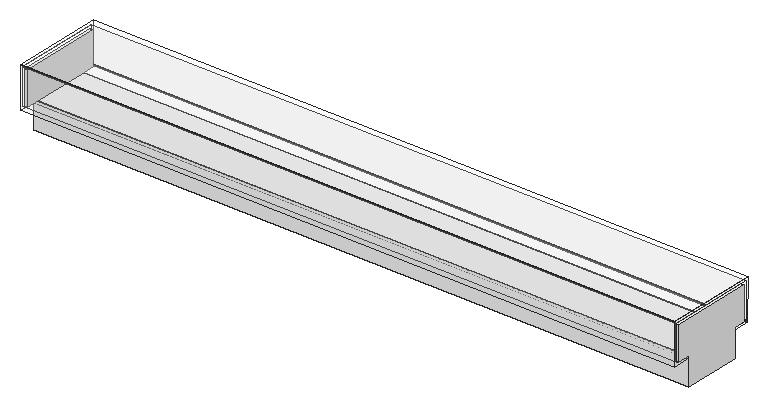
Revit family "LPT", category Lighting Fixtures, host Face, Revit 2012
Parameters (values of type "LPT4-35VL-EDU")
  Wattage = 105 W
  built-in parameter 1150110 = 1 (stored number, unit not read)
  Voltage = 120 V
  Wattage Comments = ""
  URL = "http://www.columbialighting.com/"
  built-in parameter 1114217 = 1 (stored number, unit not read)
  Tilt Angle = -90.00°
  built-in parameter 1150109 = 1 (stored number, unit not read)
  built-in parameter 1150134 = (empty or 0)
  built-in parameter 1150113 = 1 (stored number, unit not read)
  Product Page URL = "http://www.columbialighting.com/products/lpt"
  Product Documentation Link = "http://www.columbialighting.com/content/products/specs/specs_files/lpt.pdf"
  Photometric Web File = "LPT4-35VL-EDU.ies"
  Nominal Watts = 105 W
  Model = "LPT"  # constant formula
  Manufacturer Phone = "(864)-678-1000"  # constant formula
  Manufacturer Fax = "(866)-898-1065"  # constant formula
  Manufacturer = "Columbia Lighting"  # constant formula
  Row Length = 4.0 ft
  built-in parameter 1150105 = 763.96 (stored number, unit not read)
  Lumens = 9600.15 lm
  built-in parameter 1150115 = 1 (stored number, unit not read)
  Lumen Output = "Very High Lumen"
  built-in parameter 1150137 = (empty or 0)
  built-in parameter 1150139 = (empty or 0)
  built-in parameter 1150112 = 1 (stored number, unit not read)
  built-in parameter 1150114 = 1 (stored number, unit not read)
  Lamp = "LED Lamp"
  built-in parameter 1150132 = (empty or 0)
  built-in parameter 1150102 = (empty or 0)
  built-in parameter 1150107 = 3500 (stored number, unit not read)
  built-in parameter 1150138 = (empty or 0)
  built-in parameter 1150106 = 7.6396 (stored number, unit not read)
  Glass = White Glass
  Emit from Line Length = 2.0 ft
  built-in parameter 1150104 = 8.4941 (stored number, unit not read)
  Driver = "0-10V Dimming"
  Dimming Lamp Color Temperature Shift = <None>
  Description = "LPT is available in 4' or 8' lengths with lumen packages ranging from 2,700 to 19,200 nominal."  # constant formula
  Default Elevation = 4.0 ft
  Color Filter = 16777215
  built-in parameter 1114218 = 1 (stored number, unit not read)
  Backbox = White
  built-in parameter 1150133 = 10 (stored number, unit not read)
  Apparent Load = 0 VA
Types (3, lengths in ft): name | Wattage | Photometric Web File | Nominal Watts | built-in parameter 1150105 | Lumens | Lumen Output | built-in parameter 1150106 | built-in parameter 1150104
  (no name) | 105 W | "LPT4-35VL-EDU.ies" | 105 W | 763.96 (stored number, unit not read) | 9600.15 lm | "Very High Lumen" | 7.6396 (stored number, unit not read) | 8.4941 (stored number, unit not read)
  LPT4-35ML-EDU | 53 W | "LPT4-35ML-EDU.ies" | 53 W | 397.89 (stored number, unit not read) | 5000.02 lm | "Medium Lumen" | 3.9789 (stored number, unit not read) | 8.7645 (stored number, unit not read)
  LPT4-35VL-EDU | 105 W | "LPT4-35VL-EDU.ies" | 105 W | 763.96 (stored number, unit not read) | 9600.15 lm | "Very High Lumen" | 7.6396 (stored number, unit not read) | 8.4941 (stored number, unit not read)
Reference planes (ft)
  plane 1 "Center (Front/Back)": y = 0.003333
  plane 2: z = 0
  plane 3 "Center (Left/Right)": x = 0.13912
  plane 4: x = -1.86088
  plane 5: x = 2.13912
Dimensions and locks (ft)
  equal spacing: plane 5, plane 3 "Center (Left/Right)", plane 4
  "Row Length": plane 5 to plane 4
  aligned and locked: plane 2 to host face
  aligned and locked: level to host face
  aligned and locked: plane 3 "Center (Left/Right)" to nested 1
  aligned and locked: nested 1 to plane 4
  aligned and locked: nested 1 to plane 5
  aligned and locked: plane 1 "Center (Front/Back)" to nested 1
  aligned and locked: imposter light to nested 1
  aligned and locked: imposter light to plane 1 "Center (Front/Back)"
  aligned and locked: plane 3 "Center (Left/Right)" to imposter light
Automatic sketch dimensions
  host sketch curve to host sketch curve = 8.0 ft  (x2)
Nested families (ft)
  nested 1: "Premium LED Corridor Lensed Striplight" at (0.309759, 0, 0), Row Length <- "Row Length", Glass <- "Glass", Backbox <- "Backbox", type "Premium LED Corridor Lensed Striplight"
    with Row Length 4.0 ft, Glass White Glass, Backbox White
Connectors (ft)
  electrical at (0.13912, 0.003333, 0), driven by "Voltage", driven by "Description"
    settings: on nested 1, index 1, voltage 120 V, apparent load 0 VA, apparent load phase1 0 VA, apparent load phase2 0 VA, apparent load phase3 0 VA, power factor 1, load classification "Other", number of poles 1, system type 30, power factor state 1, is connector primary yes, connector utility no, sub classification motor no, connector description "LPT is available in 4' or 8' lengths with lumen packages ranging from 2,700 to 19,200 nominal."
Definition of nested family "Premium LED Corridor Lensed Striplight"
  Parameters (values of type "Premium LED Corridor Lensed Striplight")
    Wattage Comments = ""
    URL = ""
    Row Length [instance] = 8.0 ft
    Product Page URL = ""
    Product Documentation Link = ""
    Model = ""
    Manufacturer Phone = "(864)-678-1000"  # constant formula
    Manufacturer Fax = "(866)-898-1065"  # constant formula
    Manufacturer = ""
    Lamp = ""
    Glass [instance] = White Glass
    Description = ""
    Default Elevation = 4.0 ft
    Backbox [instance] = White
  Reference planes (ft)
    plane 1 "Center (Front/Back)": y = 0.003333
    plane 2: z = 0
    plane 3 "Center (Left/Right)": x = -0.170639
    plane 4: x = -4.170639
    plane 5: x = 3.829361
    plane 6: x = -4.149806
    plane 7: x = 3.808527
    plane 8: y = 0.253333
    plane 9: y = -0.246667
    plane 10: z = 0.401042
    plane 11: z = 0.369792
    plane 12: y = 0.284583
    plane 13: y = -0.277917
    plane 14: y = 0.177812
    plane 15: y = -0.171147
    plane 16: z = 0.166667
    plane 17: z = 0.15
    plane 18: y = -0.261251
    plane 19: z = 0.384375
    plane 20: y = 0.269999
  Forms (ft)
    Extrusion 1, solid
      sketch origin (0, 0, 0.005297) x (1, 0, 0) y (0, 1, 0)
        loop
          line (-4, 4) -> (-4, -4) -> (4, -4) -> (4, 4) -> (-4, 4)
      from -0.005297 to -1.478638
    Extrusion 2, solid, material "White" <- "Backbox"
      sketch origin (-0.170639, 0, 0) x (0, 1, 0) y (0, 0, 1)
        loop
          line (0.177812, 0) -> (0.177812, 0.166667) -> (0.253333, 0.166667) -> (0.253333, 0.369792) -> (-0.246667, 0.369792) -> (-0.246667, 0.166667) -> (-0.171147, 0.166667) -> (-0.171147, 0) -> (0.177812, 0)
      from 3.979167 to 4
    Extrusion 3, solid, material "White" <- "Backbox"
      sketch origin (-0.170639, 0, 0) x (0, 1, 0) y (0, 0, 1)
        loop
          line (0.253333, 0.369792) -> (-0.246667, 0.369792) -> (-0.246667, 0.166667) -> (-0.171147, 0.166667) -> (-0.171147, 0) -> (0.177812, 0) -> (0.177812, 0.166667) -> (0.253333, 0.166667) -> (0.253333, 0.369792)
      from -3.979167 to -4
    Extrusion 4, solid, material "White Glass" <- "Glass"
      sketch origin (-0.170639, 0, 0) x (0, 1, 0) y (0, 0, 1)
        loop
          line (0.177812, 0.15) -> (0.284583, 0.15) -> (0.284583, 0.401042) -> (-0.277917, 0.401042) -> (-0.277917, 0.15) -> (-0.171147, 0.15) -> (-0.171147, 0.166667) -> (-0.261251, 0.166667) -> (-0.261251, 0.384375) -> (0.269999, 0.384375) -> (0.269999, 0.166667) -> (0.177812, 0.166667) -> (0.177812, 0.15)
      from -4 to 4
    Extrusion 5, solid, material "White" <- "Backbox"
      sketch origin (-0.170639, 0, 0) x (0, 1, 0) y (0, 0, 1)
        loop
          line (0.177812, 0.166667) -> (-0.171147, 0.166667) -> (-0.171147, 0) -> (0.177812, 0) -> (0.177812, 0.166667)
      from -3.979167 to 3.979167
  Cuts and joins
    joined: Extrusion 2, Extrusion 3, Extrusion 5
  Dimensions and locks (ft)
    equal spacing: plane 5, plane 3 "Center (Left/Right)", plane 4
    locked: plane 6 to plane 4 at 0.020833
    equal spacing: plane 8, plane 1 "Center (Front/Back)", plane 9
    locked: plane 8 to plane 9 at 0.5
    locked: plane 10 to Extrusion 1 at 0.401042
    "Row Length": plane 5 to plane 4
    equal spacing: plane 7, plane 3 "Center (Left/Right)", plane 6
    locked: plane 11 to level at 0.369792
    equal spacing: plane 12, plane 1 "Center (Front/Back)", plane 13
    plane 12 to plane 13 = 0.5625 ft
    locked: plane 12 to plane 1 "Center (Front/Back)" at 0.28125
    equal spacing: plane 14, plane 1 "Center (Front/Back)", plane 15
    plane 14 to plane 15 = 0.348958 ft
    locked: plane 14 to plane 1 "Center (Front/Back)" at 0.174479
    locked: plane 16 to level at 0.166667
    locked: plane 16 to plane 17 at 0.016667
    locked: plane 20 to plane 8 at 0.016667
    locked: plane 10 to plane 19 at 0.016667
    locked: plane 18 to plane 13 at 0.016667
    aligned and locked: plane 2 to Extrusion 1
    aligned and locked: level to Extrusion 1
    aligned and locked: Extrusion 2 sketch curve to plane 14
    aligned and locked: Extrusion 2 sketch curve to level
    aligned and locked: plane 11 to Extrusion 2 sketch curve
    aligned and locked: Extrusion 2 sketch curve to plane 8
    aligned and locked: plane 9 to Extrusion 2 sketch curve
    aligned and locked: plane 15 to Extrusion 2 sketch curve
    aligned and locked: Extrusion 2 sketch curve to plane 16
    aligned and locked: Extrusion 2 sketch curve to Extrusion 2 sketch curve
    aligned and locked: plane 5 to Extrusion 2
    aligned and locked: Extrusion 2 to plane 7
    aligned and locked: plane 8 to Extrusion 3 sketch curve
    aligned and locked: Extrusion 3 sketch curve to plane 11
    aligned and locked: Extrusion 3 sketch curve to plane 9
    aligned and locked: plane 16 to Extrusion 3 sketch curve  (x2)
    aligned and locked: Extrusion 3 sketch curve to plane 15
    aligned and locked: plane 14 to Extrusion 3 sketch curve
    aligned and locked: level to Extrusion 3 sketch curve
    aligned and locked: plane 17 to Extrusion 4 sketch curve  (x2)
    aligned and locked: plane 12 to Extrusion 4 sketch curve
    aligned and locked: Extrusion 4 sketch curve to plane 10
    aligned and locked: Extrusion 4 sketch curve to plane 13
    aligned and locked: Extrusion 4 sketch curve to plane 16  (x2)
    aligned and locked: plane 20 to Extrusion 4 sketch curve
    aligned and locked: Extrusion 4 sketch curve to plane 19
    aligned and locked: Extrusion 4 sketch curve to plane 18
    aligned and locked: Extrusion 2 to Extrusion 5 sketch curve
    aligned and locked: Extrusion 5 sketch curve to Extrusion 2  (x3)
    aligned and locked: plane 7 to Extrusion 5
    aligned and locked: Extrusion 5 to plane 6
    aligned and locked: Extrusion 4 to plane 4
    aligned and locked: plane 5 to Extrusion 4
    aligned and locked: Extrusion 3 to plane 4
    aligned and locked: plane 6 to Extrusion 3
    aligned and locked: Extrusion 4 sketch curve to plane 15
    aligned and locked: plane 14 to Extrusion 4 sketch curve
  Automatic sketch dimensions
    Extrusion 1 sketch curve to Extrusion 1 sketch curve = 8.0 ft  (x2)
    Extrusion 2 sketch curve to plane 16 = 0.0 ft
